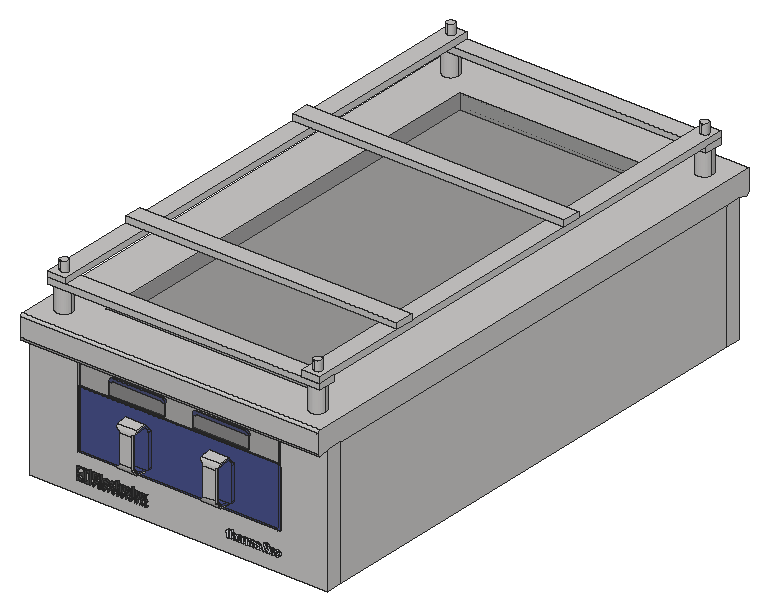
Revit family "QF_ELECTROLUXPROFESSIONAL_589841_MCIBAAEODM", category Attrezzature speciali, Revit 2020
Family settings
  Quota connettore circolare = Usa diametro
  Tipo di parte = Normale
  Basato su piano di lavoro = No
  Sempre verticale = Sì
  Taglio con vuoti quando caricato = No
  Condiviso = No
  Punto di calcolo locali = No
Parameters (values of type "Standard")
  Weight = 25.00 kg
  Watts = 10000 W
  Volts = 440 V
  URL Manufacturer = "https://www.electroluxprofessional.com/"
  URL = "https://www.electroluxprofessional.com/"
  Steam Supply Size = 0"
  Steam Supply Minimum Pressure = 0.00 psi
  Steam Supply Maximum Pressure = 0.00 psi
  Steam Consumption per Hour = 0
  Refrigeration Suction Line Size = 0 mm
  Refrigeration Liquid Line Size = 0 mm
  Refrigerant Compressor Remote = yes
  Prospetto di default = 0 mm
  Phase = 3
  Modello = "MCIBAAEODM"
  Produttore = "Electrolux Professional"
  Length Actual = 500 mm  # constant formula
  Item Number = "589841"
  Hot Water Size = 0"
  Height Actual = 250 mm  # constant formula
  HP = "13.4 HP"
  Gas Size = 0"
  Gas KW = 0
  Gas Input Pressure = 0.0 Btu/h
  Direct Waste Size = 0"
  Descrizione = "MARINE*INDUCTION TOP,2Z,1S,500X900X250H"
  Depth Actual = 900 mm  # constant formula
  Cycle = 50 Hz
  Condensate Return Size = 0"
  Compressed Air Volume = 0 GPM
  Compressed Air Size = 0"
  Compressed Air Pressure = 0.00 psi
  Cold Water Size = 0"
  Accessory = yes
Reference planes
  plane 1 "BACK": y = 0
  plane 2: z = 0
  plane 3 "LEFT": x = 0
  plane 4 "RIGHT": x = 500
  plane 5 "FRONT": y = -900
  plane 6 "TOP": z = 900
  plane 7 "Center (Left/Right)": x = 250
  plane 8: y = -450
  plane 9: y = -150
  plane 10: x = 80
  plane 11: x = 420
  plane 12: y = -80
  plane 13: y = -820
  plane 14 "EIx": x = 455
  plane 15 "EIy": y = -685
  plane 16: z = 938
  plane 17 "BaseTop": z = 650
  plane 18: y = -855
  plane 19: z = 975
Forms (mm)
  Extrusion 1, solid, material "QF_Finishes_Stainless Steel"
    sketch origin (-178.969, -4572, 100) x (-1, 0, 0) y (0, -1, 0)
      loop
        line (-178.969, -4527) -> (-178.969, -3717) -> (-678.969, -3717) -> (-678.969, -4527) -> (-178.969, -4527)
    from 550 to 762.969
  Extrusion 2, solid, material "QF_Finishes_Stainless Steel"
    sketch origin (0, 0, 650) x (-1, 0, 0) y (0, -1, 0)
      loop
        circle (-455, 685) r 6.35
    from 0 to -11.851
  Extrusion 3, solid, material "QF_Finishes_Stainless Steel"
    sketch origin (250, 296.4, 1219.2) x (0, 1, 0) y (0, 0, 1)
      loop
        line (-296.4, -319.2) -> (-1191.4, -319.2)
        arc (-1191.4, -319.2) -> (-1194.935, -320.664) -> (-1196.4, -324.2) r 5
        line (-1196.4, -324.2) -> (-1196.4, -355.2)
        arc (-1196.4, -355.2) -> (-1194.971, -358.264) -> (-1191.705, -359.139) r 4
        line (-1191.705, -359.139) -> (-1176.4, -356.231) -> (-316.4, -356.231) -> (-301.094, -359.139)
        arc (-301.094, -359.139) -> (-297.829, -358.264) -> (-296.4, -355.2) r 4
        line (-296.4, -355.2) -> (-296.4, -319.2)
    from -250 to 250
  Extrusion 4, solid, material "QF_Finishes_Electrolux_Black Smoke Iluminated"
    sketch origin (0, 0, 900) x (-1, 0, 0) y (0, -1, 0)
      loop
        line (-80, 80) -> (-80, 820) -> (-420, 820) -> (-420, 80) -> (-80, 80)
    from 0 to -20
  Extrusion 5, void
    sketch origin (0, 0, 900) x (-1, 0, 0) y (0, -1, 0)
      loop
        line (-80, 820) -> (-420, 820) -> (-420, 80) -> (-80, 80) -> (-80, 820)
    from -0.023 to -25
  Extrusion 6, solid, material "QF_Finishes_Stainless Steel"
    sketch origin (97.5, 0, 940) x (0, 1, 0) y (-1, 0, 0)
      loop
        line (-30, 75) -> (-60, 75) -> (-60, -380) -> (-30, -380) -> (-30, 75)
      loop
        line (-870, 75) -> (-870, -380) -> (-840, -380) -> (-840, 75) -> (-870, 75)
      loop
        circle (-855, 60) r 6.5
      loop
        circle (-855, -365) r 6.5
      loop
        circle (-45, 60) r 6.5
      loop
        circle (-45, -365) r 6.5
    from 0 to 10
  Extrusion 7, solid, material "QF_Finishes_Stainless Steel"
    sketch origin (97.5, 0, 950) x (0, 1, 0) y (-1, 0, 0)
      loop
        line (-30, 75) -> (-870, 75) -> (-870, 45) -> (-30, 45) -> (-30, 75)
      loop
        line (-30, -380) -> (-30, -350) -> (-870, -350) -> (-870, -380) -> (-30, -380)
      loop
        circle (-45, 60) r 6.5
      loop
        circle (-45, -365) r 6.5
      loop
        circle (-855, 60) r 6.5
      loop
        circle (-855, -365) r 6.5
    from 0 to 10
  Extrusion 8, solid, material "QF_Finishes_Stainless Steel"
    sketch origin (97.5, 0, 960) x (0, 1, 0) y (-1, 0, 0)
      loop
        line (-327.5, 75) -> (-357.5, 75) -> (-357.5, -380) -> (-327.5, -380) -> (-327.5, 75)
      loop
        line (-677.5, 75) -> (-707.5, 75) -> (-707.5, -380) -> (-677.5, -380) -> (-677.5, 75)
    from 0 to 10
  Extrusion 9, solid, material "QF_Finishes_Stainless Steel"
    sketch origin (97.5, -1, 900) x (-1, 0, 0) y (0, -1, 0)
      loop
        circle (60, 44) r 13
      loop
        circle (-365, 44) r 13
      loop
        circle (60, 854) r 13
      loop
        circle (-365, 854) r 13
    from 0 to 40
  Extrusion 10, solid, material "QF_Finishes_Stainless Steel"
    sketch origin (97.5, -1, 940) x (0, 1, 0) y (-1, 0, 0)
      loop
        circle (-854, 60) r 6.5
      loop
        circle (-854, -365) r 6.5
      loop
        circle (-44, 60) r 6.5
      loop
        circle (-44, -365) r 6.5
    from 0 to 35
  Extrusion 11, solid, material "QF_Finishes_Stainless Steel"
    sketch origin (250, 296.4, 1219.2) x (0, 1, 0) y (0, 0, 1)
      loop
        line (-341.4, -569.2) -> (-316.4, -569.2) -> (-316.4, -356.231) -> (-341.4, -356.231) -> (-341.4, -569.2)
    from 250 to -250
Cuts and joins
  Extrusion 5 cuts Extrusion 3
Lines and regions (mm)
  symbolic lines
    curve 1: line (0, 0, 100) -> (500, 0, 100)
    curve 2: line (0, -900, 100) -> (0, 0, 100)
    curve 3: line (500, -900, 100) -> (0, -900, 100)
    curve 4: line (500, 0, 100) -> (500, -900, 100)
    curve 5: line (80, -820, 0) -> (420, -820, 0)
    curve 6: line (420, -820, 0) -> (420, -707.5, 0)
    curve 7: line (420, -80, 0) -> (80, -80, 0)
    curve 8: line (80, -80, 0) -> (80, -327.5, 0)
    curve 9: line (477.5, -30, 940) -> (22.5, -30, 940)
    curve 10: line (22.5, -30, 940) -> (22.5, -870, 940)
    curve 11: line (477.5, -870, 940) -> (477.5, -30, 940)
    curve 12: line (22.5, -870, 940) -> (477.5, -870, 940)
    curve 13: line (52.5, -870, 940) -> (52.5, -707.5, 940)
    curve 14: line (22.5, -707.5, 940) -> (477.5, -707.5, 940)
    curve 15: line (477.5, -677.5, 940) -> (22.5, -677.5, 940)
    curve 16: line (22.5, -357.5, 940) -> (477.5, -357.5, 940)
    curve 17: line (477.5, -327.5, 940) -> (22.5, -327.5, 940)
    curve 18: line (52.5, -30, 940) -> (52.5, -327.5, 940)
    curve 19: line (52.5, -357.5, 940) -> (52.5, -677.5, 940)
    curve 20: line (52.5, -707.5, 940) -> (52.5, -840, 940)
    curve 21: line (52.5, -840, 940) -> (447.5, -840, 940)
    curve 22: line (447.5, -30, 940) -> (447.5, -327.5, 940)
    curve 23: line (447.5, -357.5, 940) -> (447.5, -677.5, 940)
    curve 24: line (447.5, -707.5, 940) -> (447.5, -870, 940)
    curve 25: line (52.5, -60, 940) -> (447.5, -60, 940)
    curve 26: circle (37.5, -45, 940) r 6.5 normal (0, 0, -1)
    curve 27: circle (462.5, -45, 940) r 6.5 normal (0, 0, -1)
    curve 28: circle (37.5, -855, 940) r 6.5 normal (0, 0, 1)
    curve 29: circle (462.5, -855, 940) r 6.5 normal (0, 0, 1)
    curve 30: line (80, -357.5, 0) -> (80, -677.5, 0)
    curve 31: line (420, -327.5, 0) -> (420, -80, 0)
    curve 32: line (420, -677.5, 0) -> (420, -357.5, 0)
    curve 33: line (80, -707.5, 0) -> (80, -820, 0)
  model lines
    curve 34: line (130.624, -422.012, 900) -> (112.947, -404.335, 900)
    curve 35: line (112.947, -404.335, 900) -> (112.947, -169.335, 900)
    curve 36: line (112.947, -169.335, 900) -> (130.624, -151.657, 900)
    curve 37: line (250, -245.603, 900) -> (250, -325.603, 900)
    curve 38: line (210, -285.603, 900) -> (290, -285.603, 900)
    curve 39: line (369.376, -422.012, 900) -> (387.053, -404.335, 900)
    curve 40: line (387.053, -404.335, 900) -> (387.053, -169.335, 900)
    curve 41: line (387.053, -169.335, 900) -> (369.376, -151.657, 900)
    curve 42: line (130.624, -477.988, 900) -> (112.947, -495.665, 900)
    curve 43: line (112.947, -495.665, 900) -> (112.947, -730.665, 900)
    curve 44: line (112.947, -730.665, 900) -> (130.624, -748.343, 900)
    curve 45: line (250, -654.397, 900) -> (250, -574.397, 900)
    curve 46: line (210, -614.397, 900) -> (290, -614.397, 900)
    curve 47: line (369.376, -477.988, 900) -> (387.053, -495.665, 900)
    curve 48: line (387.053, -495.665, 900) -> (387.053, -730.665, 900)
    curve 49: line (387.053, -730.665, 900) -> (369.376, -748.343, 900)
    curve 50: line (58.254, -110.891, 900) -> (79.467, -89.677, 900)
    curve 51: line (79.467, -89.677, 900) -> (420.533, -89.677, 900)
    curve 52: line (58.254, -789.109, 900) -> (79.467, -810.323, 900)
    curve 53: line (79.467, -810.323, 900) -> (420.533, -810.323, 900)
    curve 54: line (441.746, -110.891, 900) -> (420.533, -89.677, 900)
    curve 55: line (441.746, -789.109, 900) -> (420.533, -810.323, 900)
Dimensions and locks
  plane 3 "LEFT" to plane 4 "RIGHT" = 500 mm
  locked: plane 5 "FRONT" to plane 1 "BACK" at 900
  equal spacing: plane 3 "LEFT", plane 7 "Center (Left/Right)", plane 4 "RIGHT"
  equal spacing: plane 5 "FRONT", plane 8, plane 1 "BACK"
  plane 6 "TOP" to level = 900 mm  (x2)
  plane 1 "BACK" to plane 9 = 150 mm
  plane 1 "BACK" to Extrusion 2 = 685 mm
  locked: plane 14 "EIx" to plane 4 "RIGHT" at 45
  locked: plane 15 "EIy" to plane 1 "BACK" at 685
  plane 16 to plane 6 "TOP" = 38 mm
  plane 12 to plane 1 "BACK" = 80 mm
  plane 5 "FRONT" to plane 13 = 80 mm
  plane 3 "LEFT" to plane 10 = 80 mm
  plane 11 to plane 4 "RIGHT" = 80 mm
  locked: plane 6 "TOP" to plane 17 "BaseTop" at 250
  locked: plane 18 to plane 5 "FRONT" at 45
  plane 19 to plane 6 "TOP" = 75 mm
  aligned and locked: level to plane 2
  aligned and locked: cut or joined group of Extrusion 3, Extrusion 5 to plane 3 "LEFT"
  aligned and locked: cut or joined group of Extrusion 3, Extrusion 5 to plane 4 "RIGHT"
  aligned and locked: Extrusion 5 sketch curve to plane 10
  aligned and locked: plane 12 to Extrusion 5 sketch curve
  aligned and locked: plane 11 to Extrusion 5 sketch curve
  aligned and locked: Extrusion 5 sketch curve to plane 13
  aligned and locked: plane 12 to Extrusion 4 sketch curve
  aligned and locked: Extrusion 4 sketch curve to plane 10
  aligned and locked: Extrusion 4 sketch curve to plane 13
  aligned and locked: plane 11 to Extrusion 4 sketch curve
  aligned and locked: nested 1 to plane 18
  aligned and locked: Extrusion 1 to plane 18
  aligned and locked: plane 3 "LEFT" to nested 1
  aligned and locked: Extrusion 11 to plane 3 "LEFT"
  aligned and locked: Extrusion 11 to plane 4 "RIGHT"
Automatic sketch dimensions
  Extrusion 2 sketch curve to plane 14 "EIx" = 0 mm
  Extrusion 2 sketch curve to plane 15 "EIy" = 0 mm
  Extrusion 3 sketch curve to plane 5 "FRONT" = 0 mm
  Extrusion 3 sketch curve to plane 6 "TOP" = 0 mm
  Extrusion 3 sketch curve to plane 1 "BACK" = 0 mm
  Extrusion 3 sketch curve to Extrusion 3 sketch curve = 4 mm
  Extrusion 3 sketch curve to Extrusion 3 sketch curve = 0.695 mm
  Extrusion 3 sketch curve to plane 5 "FRONT" = 5 mm
  Extrusion 3 sketch curve to Extrusion 3 sketch curve = 15.305 mm
  plane 1 "BACK" to Extrusion 3 sketch curve = 20 mm
  plane 1 "BACK" to Extrusion 3 sketch curve = 4.695 mm
  plane 1 "BACK" to Extrusion 3 sketch curve = 4 mm
  Extrusion 3 sketch curve to Extrusion 3 sketch curve = 31 mm
  Extrusion 3 sketch curve to Extrusion 3 sketch curve = 36 mm
  Extrusion 3 sketch curve to Extrusion 3 sketch curve = 2.909 mm
  Extrusion 1 sketch curve to plane 4 "RIGHT" = 0 mm
  Extrusion 1 sketch curve to plane 3 "LEFT" = 0 mm
  Extrusion 1 sketch curve to plane 18 = 0 mm
  Extrusion 1 sketch curve to plane 12 = 35 mm
  plane 1 "BACK" to curve 1 = 0 mm
  curve 1 to plane 4 "RIGHT" = 0 mm
  curve 3 to plane 3 "LEFT" = 0 mm
  plane 5 "FRONT" to curve 3 = 0 mm
  Extrusion 6 sketch curve to plane 18 = 0 mm  (x2)
  Extrusion 6 sketch curve to plane 18 = 15 mm
  plane 18 to Extrusion 6 sketch curve = 15 mm
  Extrusion 6 sketch curve to plane 12 = 20 mm
  Extrusion 6 sketch curve to Extrusion 6 sketch curve = 15 mm  (x7)
  Extrusion 6 sketch curve to plane 14 "EIx" = 7.5 mm  (x2)
  plane 3 "LEFT" to Extrusion 6 sketch curve = 37.5 mm  (x2)
  Extrusion 7 sketch curve to plane 18 = 0 mm  (x2)
  plane 14 "EIx" to Extrusion 7 sketch curve = 7.5 mm
  Extrusion 7 sketch curve to plane 18 = 15 mm  (x2)
  Extrusion 7 sketch curve to plane 12 = 35 mm  (x2)
  Extrusion 7 sketch curve to plane 14 "EIx" = 7.5 mm  (x2)
  Extrusion 7 sketch curve to Extrusion 7 sketch curve = 15 mm  (x6)
  plane 10 to Extrusion 7 sketch curve = 27.5 mm
  Extrusion 9 sketch curve to plane 18 = 0 mm  (x2)
  Extrusion 9 sketch curve to plane 14 "EIx" = 7.5 mm  (x2)
  plane 3 "LEFT" to Extrusion 9 sketch curve = 37.5 mm  (x2)
  Extrusion 9 sketch curve to plane 12 = 35 mm  (x2)
  Extrusion 10 sketch curve to plane 18 = 0 mm  (x2)
  Extrusion 10 sketch curve to plane 14 "EIx" = 7.5 mm  (x2)
  Extrusion 10 sketch curve to plane 12 = 35 mm  (x2)
  plane 3 "LEFT" to Extrusion 10 sketch curve = 37.5 mm  (x2)
  plane 12 to curve 54 = 9.677 mm
  plane 4 "RIGHT" to curve 54 = 79.467 mm
  curve 47 to plane 8 = 45.665 mm
  curve 51 to curve 47 = 33.48 mm
  curve 41 to plane 9 = 19.335 mm
  curve 51 to curve 41 = 33.48 mm
  curve 42 to plane 8 = 45.665 mm
  curve 47 to curve 42 = 274.107 mm
  plane 8 to curve 34 = 45.665 mm
  curve 34 to curve 42 = 0 mm
  curve 35 to curve 50 = 33.48 mm
  curve 43 to curve 53 = 33.48 mm
  curve 36 to plane 9 = 19.335 mm
  plane 8 to curve 40 = 45.665 mm
  curve 49 to plane 15 "EIy" = 45.665 mm
  curve 44 to plane 15 "EIy" = 45.665 mm
  plane 12 to curve 54 = 30.891 mm
  curve 54 to curve 51 = 21.213 mm
  curve 55 to plane 13 = 30.891 mm
  curve 55 to curve 48 = 54.693 mm
  curve 55 to curve 53 = 21.213 mm
  curve 55 to plane 13 = 9.677 mm
  curve 41 to plane 9 = 1.657 mm
  curve 40 to curve 41 = 17.678 mm
  curve 47 to plane 8 = 27.988 mm
  curve 47 to curve 47 = 17.678 mm
  curve 49 to plane 15 "EIy" = 63.343 mm
  curve 48 to curve 49 = 17.678 mm
  plane 8 to curve 39 = 27.988 mm
  curve 39 to curve 39 = 17.678 mm
  plane 15 "EIy" to curve 46 = 70.603 mm
  curve 48 to curve 46 = 97.053 mm
  curve 40 to curve 38 = 97.053 mm
  curve 38 to curve 37 = 40 mm  (x2)
  curve 46 to curve 45 = 40 mm
  curve 37 to curve 38 = 40 mm  (x2)
  curve 45 to curve 46 = 40 mm  (x2)
  plane 8 to curve 34 = 27.988 mm
  curve 34 to curve 34 = 17.678 mm
  curve 36 to plane 9 = 1.657 mm
  curve 36 to curve 35 = 17.678 mm
  curve 44 to plane 15 "EIy" = 63.343 mm
  curve 44 to curve 43 = 17.678 mm
  curve 42 to plane 8 = 27.988 mm
  curve 42 to curve 42 = 17.678 mm
  plane 12 to curve 50 = 30.891 mm
  curve 50 to curve 50 = 21.213 mm
  curve 52 to plane 13 = 30.891 mm
  curve 52 to curve 52 = 21.213 mm
  curve 37 to plane 9 = 95.603 mm
  plane 15 "EIy" to curve 45 = 30.603 mm
  Extrusion 8 sketch curve to plane 15 "EIy" = 22.5 mm
  plane 15 "EIy" to Extrusion 8 sketch curve = 7.5 mm
  plane 3 "LEFT" to Extrusion 8 sketch curve = 22.5 mm  (x2)
  plane 8 to Extrusion 8 sketch curve = 92.5 mm
  Extrusion 8 sketch curve to Extrusion 8 sketch curve = 30 mm
  plane 4 "RIGHT" to Extrusion 8 sketch curve = 22.5 mm  (x2)
  Extrusion 11 sketch curve to plane 17 "BaseTop" = 0 mm
  Extrusion 11 sketch curve to plane 12 = 35 mm
  plane 1 "BACK" to Extrusion 11 sketch curve = 20 mm
  Extrusion 11 sketch curve to plane 6 "TOP" = 37.031 mm
  plane 18 to curve 21 = 15 mm
  plane 10 to curve 20 = 27.5 mm
  plane 14 "EIx" to curve 24 = 7.5 mm
  curve 24 to plane 18 = 15 mm
  curve 13 to plane 18 = 15 mm
  curve 13 to plane 15 "EIy" = 22.5 mm
  plane 15 "EIy" to curve 15 = 7.5 mm
  plane 10 to curve 19 = 27.5 mm
  plane 8 to curve 19 = 92.5 mm
  plane 14 "EIx" to curve 22 = 7.5 mm
  curve 23 to curve 22 = 30 mm
  curve 25 to plane 12 = 20 mm
  plane 1 "BACK" to curve 18 = 30 mm
  plane 1 "BACK" to curve 22 = 30 mm
  plane 14 "EIx" to curve 23 = 7.5 mm
  plane 4 "RIGHT" to curve 14 = 22.5 mm
  plane 4 "RIGHT" to curve 17 = 22.5 mm
  plane 4 "RIGHT" to curve 16 = 22.5 mm
  plane 4 "RIGHT" to curve 15 = 22.5 mm
  plane 10 to curve 18 = 27.5 mm
  curve 13 to curve 20 = 0 mm
  plane 3 "LEFT" to curve 15 = 22.5 mm
  plane 3 "LEFT" to curve 14 = 22.5 mm
  plane 3 "LEFT" to curve 16 = 22.5 mm
  plane 3 "LEFT" to curve 17 = 22.5 mm
  curve 5 to plane 10 = 0 mm
  curve 30 to plane 10 = 0 mm
  curve 8 to plane 10 = 0 mm
  curve 6 to plane 11 = 0 mm
  curve 31 to plane 11 = 0 mm
  curve 32 to plane 11 = 0 mm
  plane 13 to curve 5 = 0 mm
  plane 12 to curve 8 = 0 mm
  curve 33 to plane 15 "EIy" = 22.5 mm
  curve 6 to plane 15 "EIy" = 22.5 mm
  plane 15 "EIy" to curve 32 = 7.5 mm
  plane 15 "EIy" to curve 30 = 7.5 mm
  plane 8 to curve 32 = 92.5 mm
  plane 8 to curve 30 = 92.5 mm
  curve 32 to curve 31 = 30 mm
  curve 30 to curve 8 = 30 mm
  radius of Extrusion 2 sketch curve = 6.35 mm
  radius of Extrusion 6 sketch curve = 6.5 mm  (x4)
  radius of Extrusion 7 sketch curve = 6.5 mm  (x4)
  radius of Extrusion 9 sketch curve = 13 mm  (x4)
  radius of Extrusion 10 sketch curve = 6.5 mm  (x4)
Nested families
  nested 1: "Front_Panel_W500_2 Knobs" at (52.376, -855, 0), type "Front_Panel_W500_2 Knobs"
Connectors
  electrical at (455, -685, 638.149)
    settings: on Extrusion 2, index 1, voltage 400 V, apparent load 33000 VA, apparent load phase1 0 VA, apparent load phase2 0 VA, apparent load phase3 0 VA, power factor 1, load classification "Other", number of poles 1, system type 30, power factor state 1, is connector primary yes, connector utility no, sub classification motor no, connector description "ELECTRICAL CONNECTION"
Definition of nested family "Front_Panel_W500_2 Knobs"
  Parameters
    Width = 500 mm
    Default Elevation = 0 mm
  Reference planes
    plane 1 "Center (Front/Back)": y = 0
    plane 2: z = 0
    plane 3 "Center (Left/Right)": x = 197.624
    plane 4 "Left": x = -52.376
    plane 5 "Right": x = 447.624
    plane 6: y = -45
    plane 7: y = -25
    plane 8: x = 367.624
    plane 9: x = 27.624
    plane 10: x = 127.624
    plane 11: x = 267.624
  Forms (mm)
    Extrusion 1, solid
      sketch origin (833.217, 829.203, -1.25) x (0, 1, 0) y (0, 0, 1)
        loop
          line (-854.203, 651.25) -> (-829.203, 651.25) -> (-829.203, 864.25) -> (-854.203, 864.25) -> (-854.203, 651.25)
      from -885.593 to -385.593
    Extrusion 2, void
      sketch origin (0, 0, 0) x (1, 0, 0) y (0, 0, 1)
        loop
          line (27.624, 853.866) -> (27.624, 711.866) -> (367.624, 711.866) -> (367.624, 853.866) -> (27.624, 853.866)
      from 19.387 to 33.951
  Cuts and joins
    Extrusion 2 cuts Extrusion 1
  Dimensions and locks
    equal spacing: plane 5 "Right", plane 3 "Center (Left/Right)", plane 4 "Left"
    "Width": plane 5 "Right" to plane 4 "Left"
    locked: plane 3 "Center (Left/Right)" to plane 9 at 170
    locked: plane 8 to plane 3 "Center (Left/Right)" at 170
    locked: plane 3 "Center (Left/Right)" to plane 10 at 70
    locked: plane 11 to plane 3 "Center (Left/Right)" at 70
    aligned and locked: cut or joined group of Extrusion 1, Extrusion 2 to plane 4 "Left"
    aligned and locked: plane 5 "Right" to cut or joined group of Extrusion 1, Extrusion 2
    aligned and locked: plane 3 "Center (Left/Right)" to nested 1
    aligned and locked: cut or joined group of Extrusion 1, Extrusion 2 to nested 1
    aligned and locked: plane 9 to Extrusion 2 sketch curve
    aligned and locked: Extrusion 2 sketch curve to plane 8
    aligned and locked: plane 9 to cut or joined group of Extrusion 1, Extrusion 2
    aligned and locked: plane 8 to cut or joined group of Extrusion 1, Extrusion 2
    aligned and locked: plane 9 to nested 1
    aligned and locked: plane 8 to nested 1
    aligned and locked: nested 4 to plane 9
  Automatic sketch dimensions
    Extrusion 1 sketch curve to plane 1 "Center (Front/Back)" = 0 mm
    level to Extrusion 1 sketch curve = 650 mm
    level to Extrusion 2 sketch curve = 711.866 mm
    Extrusion 2 sketch curve to Extrusion 2 sketch curve = 142 mm
    Extrusion 1 sketch curve to plane 6 = 20 mm
    Extrusion 1 sketch curve to Extrusion 1 sketch curve = 213 mm
  Nested families
    nested 1: "Front glass control panel W340_2 Knobs" at (197.624, 280.644, 2.752), type "Front glass control panel W340_2 Knobs"
    nested 2: "Range Control Handle" at (127.624, -28.137, -209.113) x (-1, 0, 0) z (0, 0, 1), type "Range Control Handle"
    nested 3: "ELX_ThermaLine_Small" at (319.031, -25, 679.426) x (1, 0, 0) z (0, -1, 0), type "ELX_ThermaLine_Small"
      with Show Logo yes, Material_Logo none
    nested 4: "ELX_Professional_Logo_Small" at (87.11, -25, 681.659) x (1, 0, 0) z (0, -1, 0), type "ELX_Professional_Logo_Small"
      with Show Logo yes, Material_Logo none
    nested 5: "Range Control Handle" at (267.624, -28.137, -209.113) x (-1, 0, 0) z (0, 0, 1), type "Range Control Handle"
  Definition of nested family "Front glass control panel W340_2 Knobs"
    Parameters
      Default Elevation = 0 mm
    Reference planes
      plane 1 "Center (Front/Back)": y = 0
      plane 2: z = 0
      plane 3 "Center (Left/Right)": x = 0
    Forms (mm)
      Extrusion 1, solid
        sketch origin (378.286, 0, 0.617) x (1, 0, 0) y (0, 0, 1)
          loop
            line (-548.286, 806.791) -> (-548.286, 708.497) -> (-208.286, 708.497) -> (-208.286, 806.791) -> (-548.286, 806.791)
        from 300.031 to 304.8
      Extrusion 2, solid
        sketch origin (378.286, 0, 0.617) x (1, 0, 0) y (0, 0, 1)
          loop
            line (-548.286, 850.497) -> (-548.286, 806.791) -> (-208.286, 806.791) -> (-208.286, 850.497) -> (-548.286, 850.497)
        from 300.031 to 304.8
      Extrusion 3, void
        sketch origin (378.286, 0, 0.617) x (1, 0, 0) y (0, 0, 1)
          loop
            line (-545.628, 847.565) -> (-545.628, 710.699) -> (-211.196, 710.699) -> (-211.196, 847.565) -> (-545.628, 847.565)
        from 303.697 to 304.8
      Extrusion 4, solid
        sketch origin (238.309, 1.101, -0.633) x (1, 0, 0) y (0, 0, 1)
          loop
            line (-261.431, 812.62) -> (-261.431, 834.177) -> (-266.24, 834.177) -> (-268.039, 835.977) -> (-348.469, 835.977) -> (-350.269, 834.177) -> (-355.186, 834.177) -> (-355.186, 812.62) -> (-261.431, 812.62)
        from 304.798 to 306.745
      Extrusion 5, solid
        sketch origin (238.309, 1.101, -0.633) x (1, 0, 0) y (0, 0, 1)
          loop
            line (-350.269, 834.177) -> (-348.469, 835.977) -> (-268.039, 835.977) -> (-266.24, 834.177) -> (-261.529, 834.177)
            arc (-261.529, 834.177) -> (-262.706, 838.752) -> (-266.98, 840.763) r 5.549
            line (-266.98, 840.763) -> (-349.686, 840.763)
            arc (-349.686, 840.763) -> (-353.942, 838.747) -> (-355.078, 834.177) r 5.5
            line (-355.078, 834.177) -> (-350.269, 834.177)
        from 304.798 to 306.745
      Extrusion 6, solid
        sketch origin (378.309, 1.101, -0.633) x (1, 0, 0) y (0, 0, 1)
          loop
            line (-261.431, 812.62) -> (-261.431, 834.177) -> (-266.24, 834.177) -> (-268.039, 835.977) -> (-348.469, 835.977) -> (-350.269, 834.177) -> (-355.186, 834.177) -> (-355.186, 812.62) -> (-261.431, 812.62)
        from 304.798 to 306.745
      Extrusion 7, solid
        sketch origin (378.309, 1.101, -0.633) x (1, 0, 0) y (0, 0, 1)
          loop
            line (-350.269, 834.177) -> (-348.469, 835.977) -> (-268.039, 835.977) -> (-266.24, 834.177) -> (-261.529, 834.177)
            arc (-261.529, 834.177) -> (-262.706, 838.752) -> (-266.98, 840.763) r 5.549
            line (-266.98, 840.763) -> (-349.686, 840.763)
            arc (-349.686, 840.763) -> (-353.942, 838.747) -> (-355.078, 834.177) r 5.5
            line (-355.078, 834.177) -> (-350.269, 834.177)
        from 304.798 to 306.745
    Cuts and joins
      Extrusion 3 cuts Extrusion 1
      Extrusion 3 cuts Extrusion 2
    Dimensions and locks
      equal spacing: cut or joined group of Extrusion 2, Extrusion 3, plane 3 "Center (Left/Right)", cut or joined group of Extrusion 2, Extrusion 3
      cut or joined group of Extrusion 2, Extrusion 3 to cut or joined group of Extrusion 2, Extrusion 3 = 340 mm
      aligned and locked: Extrusion 1 to Extrusion 2
      aligned and locked: Extrusion 5 to Extrusion 4
      aligned and locked: Extrusion 7 to Extrusion 6
    Automatic sketch dimensions
      Extrusion 1 sketch curve to plane 3 "Center (Left/Right)" = 170 mm
      plane 3 "Center (Left/Right)" to Extrusion 1 sketch curve = 170 mm
      level to Extrusion 1 sketch curve = 709.114 mm
      Extrusion 1 sketch curve to Extrusion 1 sketch curve = 98.294 mm
      Extrusion 2 sketch curve to plane 3 "Center (Left/Right)" = 170 mm
      plane 3 "Center (Left/Right)" to Extrusion 2 sketch curve = 170 mm
      level to Extrusion 2 sketch curve = 807.408 mm
      Extrusion 2 sketch curve to Extrusion 2 sketch curve = 43.706 mm
      Extrusion 3 sketch curve to plane 3 "Center (Left/Right)" = 167.342 mm
      plane 3 "Center (Left/Right)" to Extrusion 3 sketch curve = 167.091 mm
      level to Extrusion 3 sketch curve = 711.316 mm
      Extrusion 3 sketch curve to Extrusion 3 sketch curve = 136.866 mm
      Extrusion 4 sketch curve to plane 3 "Center (Left/Right)" = 116.877 mm
      Extrusion 4 sketch curve to Extrusion 4 sketch curve = 4.917 mm
      Extrusion 4 sketch curve to Extrusion 4 sketch curve = 1.8 mm  (x3)
      Extrusion 4 sketch curve to plane 3 "Center (Left/Right)" = 29.731 mm
      Extrusion 4 sketch curve to Extrusion 4 sketch curve = 4.809 mm
      level to Extrusion 4 sketch curve = 811.987 mm
      Extrusion 4 sketch curve to Extrusion 4 sketch curve = 21.557 mm  (x2)
      Extrusion 5 sketch curve to plane 3 "Center (Left/Right)" = 116.769 mm
      Extrusion 5 sketch curve to Extrusion 5 sketch curve = 4.809 mm
      Extrusion 5 sketch curve to Extrusion 5 sketch curve = 0.583 mm
      Extrusion 5 sketch curve to Extrusion 5 sketch curve = 1.217 mm
      Extrusion 5 sketch curve to plane 3 "Center (Left/Right)" = 29.731 mm
      Extrusion 5 sketch curve to Extrusion 5 sketch curve = 1.059 mm
      Extrusion 5 sketch curve to Extrusion 5 sketch curve = 0.741 mm
      Extrusion 5 sketch curve to Extrusion 5 sketch curve = 4.711 mm
      level to Extrusion 5 sketch curve = 833.543 mm
      Extrusion 5 sketch curve to Extrusion 5 sketch curve = 0 mm
      Extrusion 5 sketch curve to Extrusion 5 sketch curve = 1.037 mm
      Extrusion 5 sketch curve to Extrusion 5 sketch curve = 0.714 mm
      plane 3 "Center (Left/Right)" to Extrusion 6 sketch curve = 23.123 mm
      Extrusion 6 sketch curve to Extrusion 6 sketch curve = 4.917 mm
      Extrusion 6 sketch curve to Extrusion 6 sketch curve = 1.8 mm  (x3)
      Extrusion 6 sketch curve to Extrusion 6 sketch curve = 80.43 mm
      Extrusion 6 sketch curve to Extrusion 6 sketch curve = 4.809 mm
      level to Extrusion 6 sketch curve = 811.987 mm
      Extrusion 6 sketch curve to Extrusion 6 sketch curve = 21.557 mm  (x2)
      plane 3 "Center (Left/Right)" to Extrusion 7 sketch curve = 23.231 mm
      Extrusion 7 sketch curve to Extrusion 7 sketch curve = 4.809 mm
      Extrusion 7 sketch curve to Extrusion 7 sketch curve = 0.583 mm
      Extrusion 7 sketch curve to Extrusion 7 sketch curve = 1.217 mm
      Extrusion 7 sketch curve to Extrusion 7 sketch curve = 80.43 mm
      Extrusion 7 sketch curve to Extrusion 7 sketch curve = 1.059 mm
      Extrusion 7 sketch curve to Extrusion 7 sketch curve = 0.741 mm
      Extrusion 7 sketch curve to Extrusion 7 sketch curve = 4.711 mm
      level to Extrusion 7 sketch curve = 833.543 mm
      Extrusion 7 sketch curve to Extrusion 7 sketch curve = 0 mm
      Extrusion 7 sketch curve to Extrusion 7 sketch curve = 1.037 mm
      Extrusion 7 sketch curve to Extrusion 7 sketch curve = 0.714 mm
  Definition of nested family "Range Control Handle"
    Parameters
      Default Elevation = 0 mm
    Reference planes
      plane 1 "Center (Front/Back)": y = 0
      plane 2: z = 0
      plane 3 "Center (Left/Right)": x = 0
      plane 4: z = 971.092
      plane 5: y = -16.9
    Forms (mm)
      Extrusion 1, solid
        sketch origin (-746.28, 380.497, 208.931) x (-1, 0, 0) y (0, 0, 1)
          loop
            line (-770.101, 786.798) -> (-770.101, 731.649)
            arc (-770.101, 731.649) -> (-769.759, 730.563) -> (-768.855, 729.87) r 1.893
            line (-768.855, 729.87) -> (-763.474, 727.911) -> (-729.81, 727.911) -> (-724.428, 729.87)
            arc (-724.428, 729.87) -> (-723.525, 730.563) -> (-723.183, 731.649) r 1.893
            line (-723.183, 731.649) -> (-723.183, 786.798)
            arc (-723.183, 786.798) -> (-723.529, 787.894) -> (-724.44, 788.593) r 1.91
            line (-724.44, 788.593) -> (-729.683, 790.819) -> (-763.601, 790.819) -> (-768.844, 788.593)
            arc (-768.844, 788.593) -> (-769.755, 787.894) -> (-770.101, 786.798) r 1.91
        from -382.35 to -378.852
      Sweep 2, solid
        path origin (-746.788, 380.496, 208.091) x (0, -1, 0) y (0, 0, 1)
          loop
            line (379.775, 793.281) -> (395.661, 791.048)
            arc (395.661, 791.048) -> (397.781, 787.377) -> (398.517, 783.202) r 12.207
            line (398.517, 783.202) -> (398.517, 737.368)
            arc (398.517, 737.368) -> (397.781, 733.193) -> (395.661, 729.522) r 12.207
            line (395.661, 729.522) -> (379.775, 727.289)
        profile origin (-746.788, -7.222, 1000.256) x (0, -0.139173, 0.990268) y (-1, 0, 0)
          loop
            line (0.782, -763.123) -> (0.782, -730.907) -> (-1.322, -730.907) -> (-1.322, -763.123) -> (0.782, -763.123)
      Sweep 3, solid
        path origin (-746.788, 380.715, 207.832) x (0, -1, 0) y (0, 0, 1)
          loop
            line (380.478, 795.442) -> (397.218, 793.09)
            arc (397.218, 793.09) -> (399.929, 788.473) -> (400.871, 783.202) r 15.207
            line (400.871, 783.202) -> (400.871, 737.584)
            arc (400.871, 737.584) -> (399.914, 732.274) -> (397.164, 727.633) r 15.207
            line (397.164, 727.633) -> (380.601, 725.305)
        profile origin (-746.788, -8.132, 1002.099) x (0, -0.139173, 0.990268) y (-1, 0, 0)
          loop
            line (0.782, -763.123) -> (0.782, -730.907) -> (-1.322, -730.907) -> (-1.322, -763.123) -> (0.782, -763.123)
      Extrusion 4, void
        sketch origin (889.253, 220.666, 207.993) x (1, 0, 0) y (0, 0, 1)
          loop
            line (-943.038, 816.854) -> (-943.038, 703.686) -> (-899.466, 734.196) -> (-899.466, 786.344) -> (-943.038, 816.854)
        from 230.636 to 242.25
      Extrusion 5, void
        sketch origin (-888.8, 220.666, 207.993) x (-1, 0, 0) y (0, 0, -1)
          loop
            line (-943.038, -816.854) -> (-899.466, -786.344) -> (-899.466, -734.196) -> (-943.038, -703.686) -> (-943.038, -816.854)
        from 230.636 to 242.25
      Extrusion 6, solid
        sketch origin (0, 0, 0) x (1, 0, 0) y (0, 0, 1)
          loop
            circle (0, 971.092) r 7.736
        from -3.137 to -1.645
    Cuts and joins
      Extrusion 4, Extrusion 5 cuts Sweep 3
      Extrusion 4, Extrusion 5 cuts Sweep 2
      joined: Extrusion 1, Extrusion 6
    Lines and regions (mm)
      symbolic lines
        curve 1: line (16.334, -16.9, 0) -> (16.334, -19.227, 0)
        curve 2: spline (16.334, -19.227, 0) -> (15.87, -19.385, 0) -> (15.404, -19.536, 0) -> (14.936, -19.678, 0) -> (14.466, -19.813, 0) -> (13.995, -19.94, 0) -> (13.523, -20.059, 0) -> (13.049, -20.171, 0) -> (12.575, -20.274, 0) -> (12.099, -20.37, 0) -> (11.622, -20.458, 0) -> (11.144, -20.537, 0) -> (10.666, -20.609, 0)
        curve 3: line (10.666, -16.9, 0) -> (10.666, -20.938, 0)
        curve 4: line (-10.213, -20.938, 0) -> (10.666, -20.938, 0)
        curve 5: line (-10.213, -20.938, 0) -> (-10.213, -16.9, 0)
        curve 6: spline (-10.213, -20.609, 0) -> (-10.691, -20.537, 0) -> (-11.169, -20.458, 0) -> (-11.646, -20.37, 0) -> (-12.122, -20.274, 0) -> (-12.597, -20.171, 0) -> (-13.07, -20.059, 0) -> (-13.542, -19.94, 0) -> (-14.013, -19.813, 0) -> (-14.483, -19.678, 0) -> (-14.951, -19.536, 0) -> (-15.417, -19.385, 0) -> (-15.881, -19.227, 0)
        curve 7: line (-15.881, -19.227, 0) -> (-15.881, -16.9, 0)
  Definition of nested family "ELX_ThermaLine_Small"
    Parameters
      Show Logo [instance] = yes
      Material_Logo [instance] = none
      Default Elevation = 0 mm
    Reference planes
      plane 1 "Centro (Fronte/Retro)": y = 0
      plane 2: z = 0
      plane 3 "Centro (Sinistra/Destra)": x = 0
    Forms (mm)
      Extrusion 1, solid
        sketch origin (0, 0, 0) x (1, 0, 0) y (0, 1, 0)
          loop
            line (-1219.2, 1219.2) -> (-1219.2, -1219.2) -> (1219.2, -1219.2) -> (1219.2, 1219.2) -> (-1219.2, 1219.2)
        from 0 to -304.8
      Extrusion 2, solid
        sketch origin (0, 0, 0) x (1, 0, 0) y (0, 1, 0)
          loop
            line (-37.494, 1.229) -> (-35.908, 1.229) -> (-35.908, 3.066) -> (-37.494, 3.066) -> (-37.494, 6.221) -> (-39.867, 4.881) -> (-39.867, 3.066) -> (-40.969, 3.066) -> (-40.969, 1.229) -> (-39.867, 1.229) -> (-39.867, -3.407)
            arc (-39.867, -3.407) -> (-38.982, -5.513) -> (-36.751, -6.001) r 2.478
            line (-36.751, -6.001) -> (-35.638, -5.7) -> (-35.9, -3.835) -> (-36.661, -4.039)
            arc (-36.661, -4.039) -> (-37.236, -3.924) -> (-37.494, -3.399) r 0.662
            line (-37.494, -3.399) -> (-37.494, 1.229)
          loop
            line (-34.242, 6.539) -> (-34.242, -5.848) -> (-31.854, -5.848) -> (-31.854, -0.078)
            arc (-31.854, -0.078) -> (-30.939, 1.249) -> (-29.33, 1.367) r 1.866
            arc (-29.33, 1.367) -> (-28.695, 0.768) -> (-28.461, -0.073) r 1.627
            line (-28.461, -0.073) -> (-28.461, -5.848) -> (-26.086, -5.848) -> (-26.064, -0.46)
            arc (-26.064, -0.46) -> (-26.261, 0.932) -> (-26.786, 2.237) r 5.825
            arc (-26.786, 2.237) -> (-29.381, 3.264) -> (-31.854, 1.971) r 3.353
            line (-31.854, 1.971) -> (-31.854, 6.539) -> (-34.242, 6.539)
          loop
            arc (-18.398, -0.598) -> (-18.893, 0.879) -> (-20.326, 1.487) r 1.897
            arc (-20.326, 1.487) -> (-21.461, 0.708) -> (-21.897, -0.598) r 2.164
            line (-21.897, -0.598) -> (-18.398, -0.598)
          loop
            arc (-16.021, -2.044) -> (-16.754, 1.227) -> (-19.444, 3.226) r 4.814
            arc (-19.444, 3.226) -> (-22.137, 2.788) -> (-23.943, 0.743) r 4.054
            arc (-23.943, 0.743) -> (-24.382, -1.249) -> (-24.162, -3.276) r 6.289
            arc (-24.162, -3.276) -> (-23.302, -4.71) -> (-21.958, -5.705) r 4.28
            arc (-21.958, -5.705) -> (-18.558, -5.814) -> (-16.152, -3.409) r 4.28
            line (-16.152, -3.409) -> (-18.5, -2.995)
            arc (-18.5, -2.995) -> (-19.273, -3.994) -> (-20.533, -4.076) r 1.536
            arc (-20.533, -4.076) -> (-21.56, -3.281) -> (-21.958, -2.044) r 2.197
            line (-21.958, -2.044) -> (-16.021, -2.044)
          loop
            line (-14.165, -5.848) -> (-11.819, -5.848) -> (-11.819, -2.138)
            arc (-11.819, -2.138) -> (-11.787, -1.156) -> (-11.637, -0.185) r 8.18
            arc (-11.637, -0.185) -> (-10.644, 0.972) -> (-9.132, 0.776) r 1.603
            line (-9.132, 0.776) -> (-8.419, 2.846)
            arc (-8.419, 2.846) -> (-10.432, 3.118) -> (-11.994, 1.821) r 2.527
            line (-11.994, 1.821) -> (-11.994, 3.094) -> (-14.165, 3.094) -> (-14.165, -5.848)
          loop
            line (-7.579, 3.094) -> (-7.579, -5.848) -> (-5.178, -5.848) -> (-5.178, -0.756)
            arc (-5.178, -0.756) -> (-4.727, 0.679) -> (-3.417, 1.419) r 2.05
            arc (-3.417, 1.419) -> (-2.499, 0.908) -> (-2.155, -0.085) r 1.471
            line (-2.155, -0.085) -> (-2.155, -5.848) -> (0.23, -5.848) -> (0.23, -1.001)
            arc (0.23, -1.001) -> (0.47, 0.127) -> (1.148, 1.061) r 2.775
            arc (1.148, 1.061) -> (2.225, 1.329) -> (3.05, 0.587) r 1.182
            arc (3.05, 0.587) -> (3.199, -0.019) -> (3.214, -0.642) r 2.894
            line (3.214, -0.642) -> (3.214, -5.848) -> (5.601, -5.848) -> (5.601, 0.261)
            arc (5.601, 0.261) -> (4.87, 2.263) -> (2.976, 3.241) r 2.932
            arc (2.976, 3.241) -> (1.284, 2.973) -> (-0.047, 1.896) r 3.309
            arc (-0.047, 1.896) -> (-1.116, 2.865) -> (-2.506, 3.258) r 3.16
            arc (-2.506, 3.258) -> (-4.105, 2.942) -> (-5.376, 1.92) r 3.419
            line (-5.376, 1.92) -> (-5.376, 3.094) -> (-7.579, 3.094)
          loop
            line (7.583, 0.738) -> (9.702, 0.364)
            arc (9.702, 0.364) -> (11.441, 1.492) -> (12.855, -0.023) r 1.613
            line (12.855, -0.023) -> (9.782, -0.789)
            arc (9.782, -0.789) -> (8.559, -1.346) -> (7.617, -2.305) r 3.687
            arc (7.617, -2.305) -> (7.499, -3.681) -> (7.901, -5.003) r 3.651
            arc (7.901, -5.003) -> (9.107, -5.766) -> (10.515, -6.006) r 3.635
            arc (10.515, -6.006) -> (11.898, -5.697) -> (13.067, -4.895) r 3.734
            line (13.067, -4.895) -> (13.376, -5.848) -> (15.75, -5.848) -> (15.212, -4.193) -> (15.212, 0.38)
            arc (15.212, 0.38) -> (14.897, 1.849) -> (13.818, 2.895) r 2.585
            arc (13.818, 2.895) -> (11.792, 3.442) -> (9.719, 3.11) r 5.005
            arc (9.719, 3.11) -> (8.369, 2.178) -> (7.583, 0.738) r 3.54
          loop
            line (19.723, -5.848) -> (22.233, -5.848) -> (24.854, 6.484) -> (22.345, 6.484) -> (19.723, -5.848)
          loop
            line (24.583, -5.848) -> (26.953, -5.848) -> (28.848, 3.066) -> (26.478, 3.066) -> (24.583, -5.848)
          loop
            line (27.204, 6.484) -> (26.741, 4.305) -> (29.111, 4.305) -> (29.575, 6.484) -> (27.204, 6.484)
          loop
            line (29.355, -5.848) -> (31.849, -5.848) -> (33.098, 0.028)
            arc (33.098, 0.028) -> (34.169, 1.306) -> (35.832, 1.422) r 2.132
            arc (35.832, 1.422) -> (36.324, 0.752) -> (36.383, -0.078) r 1.5
            line (36.383, -0.078) -> (35.157, -5.848) -> (37.536, -5.848) -> (38.936, 0.738)
            arc (38.936, 0.738) -> (38.775, 2.091) -> (37.825, 3.066) r 2.118
            arc (37.825, 3.066) -> (35.392, 3.175) -> (33.295, 1.937) r 4.271
            line (33.295, 1.937) -> (33.535, 3.066) -> (31.25, 3.066) -> (29.355, -5.848)
          loop
            line (42.792, -0.64) -> (46.589, -0.64)
            arc (46.589, -0.64) -> (46.639, 0.124) -> (46.327, 0.823) r 1.589
            arc (46.327, 0.823) -> (45.117, 1.521) -> (43.762, 1.183) r 1.865
            arc (43.762, 1.183) -> (43.141, 0.344) -> (42.792, -0.64) r 3.538
          loop
            line (42.565, -2.138) -> (48.593, -2.138)
            arc (48.593, -2.138) -> (48.58, 0.597) -> (46.983, 2.818) r 4.494
            arc (46.983, 2.818) -> (44.191, 3.28) -> (41.725, 1.891) r 4.26
            arc (41.725, 1.891) -> (40.503, -0.3) -> (40.284, -2.799) r 6.003
            arc (40.284, -2.799) -> (40.959, -4.468) -> (42.377, -5.576) r 3.482
            arc (42.377, -5.576) -> (44.265, -5.961) -> (46.152, -5.576) r 4.823
            arc (46.152, -5.576) -> (47.432, -4.731) -> (48.328, -3.485) r 4.245
            line (48.328, -3.485) -> (46.168, -3.105)
            arc (46.168, -3.105) -> (45.214, -4.072) -> (43.859, -4.181) r 1.953
            arc (43.859, -4.181) -> (42.821, -3.408) -> (42.565, -2.138) r 1.81
          loop
            line (12.868, -1.553) -> (10.216, -2.214)
            arc (10.216, -2.214) -> (9.747, -3.136) -> (10.216, -4.058) r 1.14
            arc (10.216, -4.058) -> (11.537, -4.249) -> (12.614, -3.46) r 1.763
            arc (12.614, -3.46) -> (12.858, -2.522) -> (12.868, -1.553) r 3.97
        from 0 to 1.6
    Dimensions and locks
      aligned and locked: plane 2 to Extrusion 1
      aligned and locked: level to Extrusion 1
  Definition of nested family "ELX_Professional_Logo_Small"
    Parameters
      Show Logo [instance] = yes
      Material_Logo [instance] = none
      Default Elevation = 0 mm
    Reference planes
      plane 1 "Centro (Fronte/Retro)": y = 0
      plane 2: z = 0
      plane 3 "Centro (Sinistra/Destra)": x = 0
    Forms (mm)
      Extrusion 1, solid
        sketch origin (0, 0, 0) x (1, 0, 0) y (0, 1, 0)
          loop
            line (-1219.2, 1219.2) -> (-1219.2, -1219.2) -> (1219.2, -1219.2) -> (1219.2, 1219.2) -> (-1219.2, 1219.2)
        from 0 to -304.8
      Extrusion 2, solid, material <- "Material_Logo"
        sketch origin (15.5, 0, 0) x (1, 0, 0) y (0, 1, 0)
          loop
            spline (-42.99, -1.24) -> (-43.195, -1.231) -> (-43.415, -1.203) -> (-43.642, -1.152) -> (-43.87, -1.074) -> (-44.095, -0.966) -> (-44.309, -0.825) -> (-44.506, -0.647) -> (-44.681, -0.429) -> (-44.828, -0.167) -> (-44.94, 0.142) -> (-45.011, 0.501) -> (-45.037, 0.915)
            line (-45.037, 0.915) -> (-45.037, 2.748) -> (-38.984, 2.748) -> (-38.984, 5.086) -> (-45.038, 5.086) -> (-45.038, 8.489) -> (-38.599, 8.489) -> (-38.599, 10.82) -> (-47.515, 10.82) -> (-47.515, 1.021)
            spline (-47.515, 1.021) -> (-47.493, 0.418) -> (-47.425, -0.15) -> (-47.311, -0.682) -> (-47.15, -1.175) -> (-46.939, -1.628) -> (-46.678, -2.038) -> (-46.365, -2.404) -> (-46, -2.723) -> (-45.58, -2.995) -> (-45.105, -3.216) -> (-44.573, -3.385) -> (-43.983, -3.499)
            line (-43.983, -3.499) -> (-43.01, -3.569) -> (-38.426, -3.569) -> (-38.426, -1.24) -> (-42.99, -1.24)
          loop
            line (-36.666, 4.021) -> (-36.666, -3.573) -> (-34.188, -3.573) -> (-34.188, 10.824) -> (-36.666, 10.824) -> (-36.666, 4.021)
          loop
            spline (-21.915, 1.897) -> (-21.957, 2.615) -> (-22.082, 3.303) -> (-22.285, 3.955) -> (-22.563, 4.564) -> (-22.913, 5.124) -> (-23.331, 5.629) -> (-23.814, 6.074) -> (-24.359, 6.451) -> (-24.961, 6.755) -> (-25.618, 6.98) -> (-26.326, 7.119) -> (-27.081, 7.167)
            spline (-27.081, 7.167) -> (-27.853, 7.122) -> (-28.586, 6.99) -> (-29.275, 6.774) -> (-29.915, 6.478) -> (-30.5, 6.104) -> (-31.024, 5.657) -> (-31.483, 5.138) -> (-31.871, 4.553) -> (-32.182, 3.904) -> (-32.411, 3.194) -> (-32.552, 2.427) -> (-32.6, 1.606)
            spline (-32.6, 1.606) -> (-32.553, 0.805) -> (-32.416, 0.057) -> (-32.193, -0.637) -> (-31.887, -1.271) -> (-31.504, -1.843) -> (-31.048, -2.35) -> (-30.523, -2.788) -> (-29.934, -3.154) -> (-29.284, -3.444) -> (-28.579, -3.656) -> (-27.822, -3.785) -> (-27.019, -3.829)
            spline (-27.019, -3.829) -> (-26.627, -3.82) -> (-26.239, -3.79) -> (-25.856, -3.739) -> (-25.477, -3.663) -> (-25.103, -3.562) -> (-24.734, -3.432) -> (-24.369, -3.273) -> (-24.01, -3.082) -> (-23.655, -2.858) -> (-23.305, -2.597) -> (-22.96, -2.299) -> (-22.621, -1.962)
            line (-22.621, -1.962) -> (-24.114, -0.509)
            spline (-24.114, -0.509) -> (-24.311, -0.699) -> (-24.509, -0.872) -> (-24.71, -1.03) -> (-24.915, -1.172) -> (-25.126, -1.297) -> (-25.346, -1.407) -> (-25.576, -1.5) -> (-25.817, -1.576) -> (-26.072, -1.636) -> (-26.342, -1.678) -> (-26.629, -1.704) -> (-26.936, -1.713)
            spline (-26.936, -1.713) -> (-27.384, -1.691) -> (-27.805, -1.625) -> (-28.196, -1.518) -> (-28.556, -1.372) -> (-28.882, -1.187) -> (-29.174, -0.966) -> (-29.429, -0.71) -> (-29.645, -0.422) -> (-29.821, -0.102) -> (-29.955, 0.247) -> (-30.045, 0.623) -> (-30.089, 1.026)
            line (-30.089, 1.026) -> (-21.956, 1.026) -> (-21.915, 1.897)
          loop
            spline (-24.446, 2.769) -> (-24.47, 3.075) -> (-24.54, 3.37) -> (-24.654, 3.65) -> (-24.807, 3.913) -> (-24.996, 4.156) -> (-25.219, 4.376) -> (-25.472, 4.57) -> (-25.753, 4.736) -> (-26.057, 4.869) -> (-26.382, 4.968) -> (-26.724, 5.03) -> (-27.081, 5.051)
            spline (-27.081, 5.051) -> (-27.464, 5.03) -> (-27.832, 4.97) -> (-28.183, 4.872) -> (-28.513, 4.74) -> (-28.819, 4.577) -> (-29.099, 4.384) -> (-29.347, 4.165) -> (-29.563, 3.923) -> (-29.742, 3.659) -> (-29.881, 3.377) -> (-29.977, 3.079) -> (-30.027, 2.769)
            line (-30.027, 2.769) -> (-24.446, 2.769)
          loop
            spline (-18.167, 1.669) -> (-18.138, 2.13) -> (-18.055, 2.567) -> (-17.921, 2.978) -> (-17.739, 3.358) -> (-17.512, 3.705) -> (-17.243, 4.016) -> (-16.937, 4.287) -> (-16.596, 4.517) -> (-16.223, 4.7) -> (-15.823, 4.835) -> (-15.398, 4.919) -> (-14.951, 4.947)
            spline (-14.951, 4.947) -> (-14.677, 4.938) -> (-14.414, 4.913) -> (-14.162, 4.871) -> (-13.921, 4.812) -> (-13.69, 4.738) -> (-13.467, 4.649) -> (-13.254, 4.544) -> (-13.048, 4.424) -> (-12.85, 4.291) -> (-12.659, 4.143) -> (-12.474, 3.981) -> (-12.295, 3.806)
            line (-12.295, 3.806) -> (-10.76, 5.403)
            spline (-10.76, 5.403) -> (-11.065, 5.709) -> (-11.38, 5.984) -> (-11.703, 6.228) -> (-12.035, 6.443) -> (-12.375, 6.63) -> (-12.723, 6.788) -> (-13.078, 6.92) -> (-13.44, 7.026) -> (-13.809, 7.107) -> (-14.184, 7.164) -> (-14.564, 7.198) -> (-14.951, 7.209)
            spline (-14.951, 7.209) -> (-15.725, 7.161) -> (-16.467, 7.02) -> (-17.169, 6.792) -> (-17.826, 6.482) -> (-18.43, 6.096) -> (-18.976, 5.637) -> (-19.455, 5.112) -> (-19.862, 4.525) -> (-20.19, 3.882) -> (-20.433, 3.189) -> (-20.584, 2.449) -> (-20.635, 1.669)
            spline (-20.635, 1.669) -> (-20.584, 0.889) -> (-20.433, 0.149) -> (-20.19, -0.545) -> (-19.862, -1.187) -> (-19.455, -1.774) -> (-18.976, -2.299) -> (-18.43, -2.758) -> (-17.826, -3.145) -> (-17.169, -3.454) -> (-16.467, -3.682) -> (-15.725, -3.823) -> (-14.951, -3.871)
            spline (-14.951, -3.871) -> (-14.564, -3.86) -> (-14.184, -3.826) -> (-13.809, -3.77) -> (-13.44, -3.689) -> (-13.078, -3.583) -> (-12.723, -3.451) -> (-12.375, -3.292) -> (-12.035, -3.105) -> (-11.703, -2.89) -> (-11.38, -2.646) -> (-11.065, -2.371) -> (-10.76, -2.066)
            line (-10.76, -2.066) -> (-12.295, -0.468)
            spline (-12.295, -0.468) -> (-12.474, -0.643) -> (-12.659, -0.805) -> (-12.85, -0.953) -> (-13.048, -1.087) -> (-13.254, -1.206) -> (-13.467, -1.311) -> (-13.69, -1.4) -> (-13.921, -1.475) -> (-14.162, -1.533) -> (-14.414, -1.575) -> (-14.677, -1.6) -> (-14.951, -1.609)
            spline (-14.951, -1.609) -> (-15.398, -1.581) -> (-15.823, -1.497) -> (-16.223, -1.362) -> (-16.596, -1.179) -> (-16.937, -0.95) -> (-17.243, -0.678) -> (-17.512, -0.367) -> (-17.739, -0.02) -> (-17.921, 0.36) -> (-18.055, 0.771) -> (-18.138, 1.208) -> (-18.167, 1.669)
          loop
            spline (-4.441, -1.243) -> (-4.659, -1.247) -> (-4.894, -1.23) -> (-5.137, -1.19) -> (-5.384, -1.121) -> (-5.628, -1.021) -> (-5.864, -0.884) -> (-6.084, -0.708) -> (-6.283, -0.488) -> (-6.454, -0.219) -> (-6.592, 0.101) -> (-6.69, 0.478) -> (-6.742, 0.914)
            line (-6.742, 0.914) -> (-6.742, 4.587) -> (-4.487, 4.587) -> (-4.487, 6.838) -> (-6.738, 6.838) -> (-6.738, 10.824) -> (-9.217, 10.824) -> (-9.217, 0.773)
            spline (-9.217, 0.773) -> (-9.164, 0.19) -> (-9.068, -0.358) -> (-8.928, -0.87) -> (-8.742, -1.343) -> (-8.511, -1.777) -> (-8.232, -2.168) -> (-7.904, -2.515) -> (-7.527, -2.816) -> (-7.098, -3.069) -> (-6.618, -3.273) -> (-6.084, -3.426) -> (-5.496, -3.525)
            line (-5.496, -3.525) -> (-4.45, -3.573) -> (-4.441, -1.243)
          loop
            spline (3.898, 6.983) -> (3.469, 7.009) -> (3.056, 7.001) -> (2.661, 6.961) -> (2.283, 6.888) -> (1.925, 6.785) -> (1.588, 6.652) -> (1.272, 6.49) -> (0.979, 6.301) -> (0.71, 6.085) -> (0.465, 5.844) -> (0.247, 5.578) -> (0.056, 5.289)
            line (0.056, 5.289) -> (0.056, 6.838) -> (-2.402, 6.838) -> (-2.402, -3.572) -> (0.056, -3.572) -> (0.056, 1.901)
            spline (0.056, 1.901) -> (0.079, 2.316) -> (0.145, 2.703) -> (0.254, 3.06) -> (0.404, 3.386) -> (0.592, 3.679) -> (0.818, 3.938) -> (1.08, 4.162) -> (1.375, 4.348) -> (1.703, 4.495) -> (2.062, 4.602) -> (2.45, 4.668) -> (2.865, 4.69)
            line (2.865, 4.69) -> (3.898, 4.586) -> (3.898, 6.983)
          loop
            spline (15.638, 1.633) -> (15.586, 2.396) -> (15.435, 3.124) -> (15.192, 3.81) -> (14.863, 4.449) -> (14.455, 5.034) -> (13.975, 5.56) -> (13.43, 6.021) -> (12.826, 6.411) -> (12.17, 6.724) -> (11.469, 6.955) -> (10.729, 7.098) -> (9.958, 7.147)
            spline (9.958, 7.147) -> (9.182, 7.098) -> (8.44, 6.955) -> (7.737, 6.724) -> (7.081, 6.411) -> (6.477, 6.021) -> (5.933, 5.56) -> (5.454, 5.034) -> (5.048, 4.449) -> (4.721, 3.81) -> (4.479, 3.124) -> (4.329, 2.396) -> (4.277, 1.633)
            spline (4.277, 1.633) -> (4.329, 0.869) -> (4.479, 0.141) -> (4.721, -0.544) -> (5.048, -1.183) -> (5.454, -1.768) -> (5.933, -2.294) -> (6.477, -2.755) -> (7.081, -3.145) -> (7.737, -3.459) -> (8.44, -3.69) -> (9.182, -3.833) -> (9.958, -3.882)
            spline (9.958, -3.882) -> (10.729, -3.833) -> (11.469, -3.69) -> (12.17, -3.459) -> (12.826, -3.145) -> (13.43, -2.755) -> (13.975, -2.294) -> (14.455, -1.768) -> (14.863, -1.183) -> (15.192, -0.544) -> (15.435, 0.141) -> (15.586, 0.869) -> (15.638, 1.633)
          loop
            spline (13.18, 1.633) -> (13.151, 2.083) -> (13.067, 2.513) -> (12.932, 2.918) -> (12.748, 3.296) -> (12.52, 3.642) -> (12.251, 3.954) -> (11.943, 4.227) -> (11.601, 4.459) -> (11.228, 4.645) -> (10.828, 4.782) -> (10.403, 4.867) -> (9.958, 4.896)
            spline (9.958, 4.896) -> (9.509, 4.867) -> (9.081, 4.782) -> (8.679, 4.645) -> (8.306, 4.459) -> (7.964, 4.227) -> (7.658, 3.954) -> (7.39, 3.642) -> (7.163, 3.296) -> (6.981, 2.918) -> (6.847, 2.513) -> (6.765, 2.083) -> (6.736, 1.633)
            spline (6.736, 1.633) -> (6.765, 1.182) -> (6.847, 0.753) -> (6.981, 0.347) -> (7.163, -0.031) -> (7.39, -0.377) -> (7.658, -0.689) -> (7.964, -0.962) -> (8.306, -1.193) -> (8.679, -1.38) -> (9.081, -1.517) -> (9.509, -1.602) -> (9.958, -1.631)
            spline (9.958, -1.631) -> (10.403, -1.602) -> (10.828, -1.517) -> (11.228, -1.38) -> (11.601, -1.193) -> (11.943, -0.962) -> (12.251, -0.689) -> (12.52, -0.377) -> (12.748, -0.031) -> (12.932, 0.347) -> (13.067, 0.753) -> (13.151, 1.182) -> (13.18, 1.633)
          loop
            line (17.162, 4.269) -> (17.162, -3.573) -> (19.642, -3.573) -> (19.642, 10.824) -> (17.162, 10.824) -> (17.162, 4.269)
          loop
            line (28.581, 6.838) -> (28.581, 0.786)
            spline (28.581, 0.786) -> (28.561, 0.393) -> (28.503, 0.038) -> (28.409, -0.279) -> (28.281, -0.559) -> (28.122, -0.802) -> (27.933, -1.011) -> (27.717, -1.185) -> (27.476, -1.325) -> (27.213, -1.433) -> (26.929, -1.509) -> (26.626, -1.554) -> (26.308, -1.569)
            spline (26.308, -1.569) -> (25.99, -1.554) -> (25.688, -1.509) -> (25.404, -1.434) -> (25.141, -1.326) -> (24.9, -1.187) -> (24.684, -1.014) -> (24.496, -0.807) -> (24.336, -0.565) -> (24.209, -0.288) -> (24.115, 0.026) -> (24.057, 0.376) -> (24.037, 0.765)
            line (24.037, 0.765) -> (24.037, 6.838) -> (21.537, 6.838) -> (21.537, 0.558)
            spline (21.537, 0.558) -> (21.581, -0.153) -> (21.71, -0.8) -> (21.916, -1.384) -> (22.195, -1.904) -> (22.54, -2.362) -> (22.944, -2.757) -> (23.403, -3.09) -> (23.909, -3.362) -> (24.456, -3.572) -> (25.04, -3.722) -> (25.652, -3.811) -> (26.288, -3.841)
            spline (26.288, -3.841) -> (26.929, -3.811) -> (27.547, -3.72) -> (28.135, -3.568) -> (28.687, -3.355) -> (29.197, -3.079) -> (29.66, -2.741) -> (30.068, -2.341) -> (30.415, -1.877) -> (30.696, -1.349) -> (30.905, -0.757) -> (31.034, -0.101) -> (31.079, 0.621)
            line (31.079, 0.621) -> (31.079, 6.838) -> (28.581, 6.838)
          loop
            line (40.457, -0.243) -> (38.894, 1.942) -> (40.83, 4.579) -> (42.488, 6.837) -> (39.782, 6.837) -> (37.53, 3.719) -> (35.258, 6.837) -> (32.573, 6.837) -> (34.113, 4.731) -> (36.167, 1.922) -> (34.014, -1.076) -> (32.222, -3.573) -> (34.887, -3.573) -> (37.53, 0.104) -> (40.174, -3.573) -> (42.839, -3.573) -> (40.457, -0.243)
          loop
            line (-46.121, -5.837) -> (-48.039, -5.837) -> (-48.039, -10.814) -> (-47.016, -10.814) -> (-47.016, -9.128) -> (-46.121, -9.128)
            arc (-46.121, -9.128) -> (-44.476, -7.482) -> (-46.121, -5.837) r 1.645
          loop
            line (-46.163, -6.778) -> (-47.016, -6.778) -> (-47.016, -8.187) -> (-46.163, -8.187)
            arc (-46.163, -8.187) -> (-45.458, -7.482) -> (-46.163, -6.778) r 0.704
          loop
            line (-38.313, -5.837) -> (-40.265, -5.837) -> (-40.265, -10.814) -> (-39.241, -10.814) -> (-39.241, -9.1) -> (-38.46, -9.182) -> (-37.48, -10.814) -> (-36.318, -10.814) -> (-37.513, -8.848)
            arc (-37.513, -8.848) -> (-36.888, -8.266) -> (-36.671, -7.441) r 1.536
            arc (-36.671, -7.441) -> (-37.165, -6.305) -> (-38.313, -5.837) r 1.643
          loop
            arc (-38.402, -8.166) -> (-37.707, -7.505) -> (-38.334, -6.778) r 0.696
            line (-38.334, -6.778) -> (-39.241, -6.778) -> (-39.241, -8.166) -> (-38.402, -8.166)
          loop
            circle (-29.965, -8.325) r 2.585
          loop
            circle (-29.965, -8.325) r 1.64
          loop
            line (-23.1, -5.837) -> (-23.1, -10.814) -> (-22.076, -10.814) -> (-22.076, -8.768) -> (-20.204, -8.768) -> (-20.204, -7.828) -> (-22.076, -7.828) -> (-22.076, -6.778) -> (-20.024, -6.778) -> (-20.024, -5.837) -> (-23.1, -5.837)
          loop
            line (-15.802, -5.837) -> (-15.802, -9.2)
            arc (-15.802, -9.2) -> (-15.343, -10.34) -> (-14.209, -10.814) r 1.593
            line (-14.209, -10.814) -> (-12.602, -10.814) -> (-12.602, -10.027) -> (-14.004, -10.027)
            arc (-14.004, -10.027) -> (-14.552, -9.8) -> (-14.779, -9.252) r 0.775
            line (-14.779, -9.252) -> (-14.779, -8.424) -> (-12.789, -8.424) -> (-12.789, -7.642) -> (-14.779, -7.642) -> (-14.779, -6.778) -> (-12.651, -6.778) -> (-12.651, -5.837) -> (-15.802, -5.837)
          loop
            line (-5.909, -7.143) -> (-5.173, -6.638)
            arc (-5.173, -6.638) -> (-5.855, -5.974) -> (-6.781, -5.755) r 1.782
            arc (-6.781, -5.755) -> (-7.397, -5.878) -> (-7.944, -6.189) r 1.974
            arc (-7.944, -6.189) -> (-8.202, -6.5) -> (-8.317, -6.888) r 1.013
            arc (-8.317, -6.888) -> (-8.306, -7.341) -> (-8.192, -7.78) r 1.985
            arc (-8.192, -7.78) -> (-7.749, -8.259) -> (-7.171, -8.563) r 1.928
            arc (-7.171, -8.563) -> (-6.637, -8.779) -> (-6.131, -9.056) r 5.041
            arc (-6.131, -9.056) -> (-5.934, -9.387) -> (-6.09, -9.74) r 0.42
            arc (-6.09, -9.74) -> (-6.631, -9.96) -> (-7.204, -9.845) r 1.016
            arc (-7.204, -9.845) -> (-7.625, -9.603) -> (-7.889, -9.196) r 1.033
            line (-7.889, -9.196) -> (-8.67, -9.686)
            arc (-8.67, -9.686) -> (-8.361, -10.198) -> (-7.908, -10.589) r 1.914
            arc (-7.908, -10.589) -> (-7.334, -10.834) -> (-6.714, -10.896) r 2.063
            arc (-6.714, -10.896) -> (-5.947, -10.743) -> (-5.256, -10.376) r 2.696
